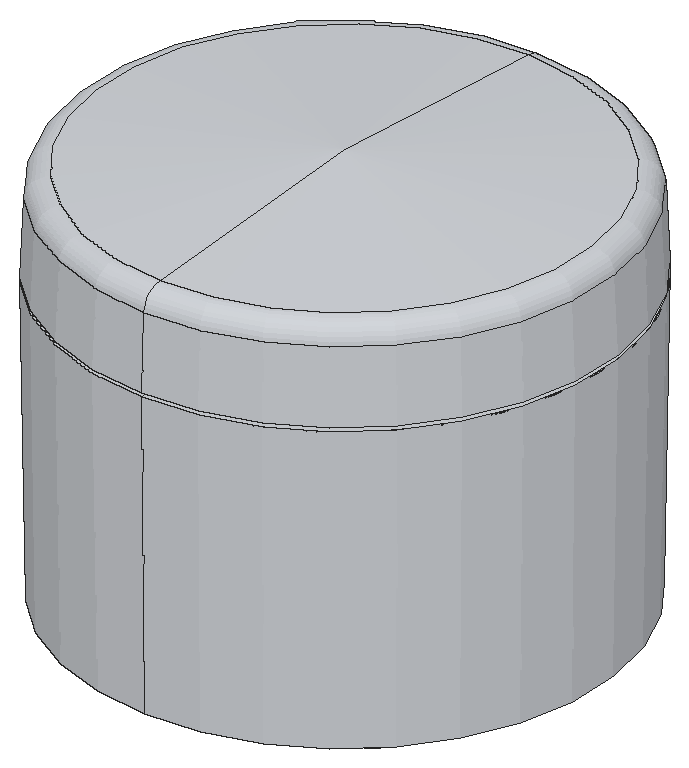
Revit family "Bernhardt_Design-Seating-Ottomans-Elevation", category Furniture, Revit 2016
Family settings
  OmniClass Number = 23.40.20.00
  OmniClass Title = General Furniture and Specialties
  Work Plane-Based = No
  Always vertical = Yes
  Cut with Voids When Loaded = No
  Shared = No
  Room Calculation Point = No
Parameters (values of type "Elevation 3820A")
  URL = "http://www.bernhardtdesign.com"
  SKU = "Elevation 3820A"
  Model = "Elevation"  # constant formula
  Manufacturer = "Bernhardt Design"  # constant formula
  Glides = yes
  GlideRadius = 0' - 8.06903"
  Fabric = none
  Copyright © = "Copyright © Bernhardt Design"  # constant formula
  Catalog = SKU  # "Elevation 3820A"
  Casters = no
  CasterRadius = 0' - 8.06903"
  Authoring Version = "Autodesk Revit 2016"  # constant formula
  23A = no
  22A = no
  21AM = no
  21A = no
  20AM = no
  20A = yes
Types (7): name | SKU | Glides | GlideRadius | Catalog | Casters | CasterRadius | 23A | 22A | 21AM | 21A | 20AM | 20A
  (no name) | "Elevation 3820A" | yes | 0' - 8.06903" | "Elevation 3820A" | no | 0' - 8.06903" | no | no | no | no | no | yes
  Elevation 3820A | "Elevation 3820A" | yes | 0' - 8.06903" | "Elevation 3820A" | no | 0' - 8.06903" | no | no | no | no | no | yes
  Elevation 3820AM | "Elevation 3820AM" | no | 0' - 8.06903" | "Elevation 3820AM" | yes | 0' - 8.06903" | no | no | no | no | yes | no
  Elevation 3821A | "Elevation 3821A" | yes | 0' - 10 3/8" | "Elevation 3821A" | no | 0' - 8.06903" | no | no | no | yes | no | no
  Elevation 3821AM | "Elevation 3821AM" | no | 0' - 10 3/8" | "Elevation 3821AM" | yes | 0' - 10 3/8" | no | no | yes | no | no | no
  Elevation 3822A | "Elevation 3822A" | yes | 1' - 0 3/4" | "Elevation 3822A" | no | 0' - 10 3/8" | no | yes | no | no | no | no
  Elevation 3823A | "Elevation 3823A" | yes | 1' - 4 1/4" | "Elevation 3823A" | no | 0' - 10 3/8" | yes | no | no | no | no | no
Reference planes (in)
  plane 1 "Center Front/Back": y = 0
  plane 2: z = 0
  plane 3 "Center Left/Right": x = 0
Forms (in)
  Revolve 1, solid, material <- "Fabric", visible <- "20AM"
    sketch origin (0, 0.0038, 0.1254) x (0, 1, 0) y (0, 0, 1)
      loop
        arc (10.28718, 15.51646) -> (10.02715, 16.08668) -> (9.44537, 16.31971) r 0.84273
        arc (9.44537, 16.31971) -> (4.7349, 16.82931) -> (0, 16.9996) r 65.99043
        line (0, 16.9996) -> (0, 0.75) -> (10.24837, 0.75)
        arc (10.24837, 0.75) -> (10.47524, 6.60935) -> (10.42519, 12.47287) r 124.14887
        line (10.42519, 12.47287) -> (9.92305, 12.47287) -> (9.92305, 12.61917) -> (10.42305, 12.61917) -> (10.28718, 15.51646)
      axis (0, 16.9996) -> (0, 0.75)
    angle from 0 to 360
  Revolve 2, solid, material "Glides", visible <- "Glides"
    sketch origin (0, 0, 0) x (0, 1, 0) y (0, 0, 1)
      loop
        line (9.06903, 0.75) -> (8.06903, 0.75) -> (8.06903, 0) -> (8.8519, 0)
        arc (8.8519, 0) -> (9.00544, 0.0636) -> (9.06903, 0.21713) r 0.21713
        line (9.06903, 0.21713) -> (9.06903, 0.75)
      axis (8.06903, 0.75) -> (8.06903, 0)
    angle from 0 to 360
  Extrusion 3, solid, material "Casters", visible <- "Casters"
    sketch origin (0, 0, 0) x (0, 1, 0) y (0, 0, 1)
      loop
        circle (8.06903, 0.75) r 0.75
    from -0.8751 to 0.87951
  Extrusion 4, solid, material "Casters", visible <- "Casters"
    sketch origin (0, 0, 0) x (-0.707107, 0.707107, 0) y (0, 0, 1)
      loop
        circle (8.06903, 0.75) r 0.75
    from -0.8751 to 0.87951
  Extrusion 5, solid, material "Casters", visible <- "Casters"
    sketch origin (0, 0, 0) x (-1, 0, 0) y (0, 0, 1)
      loop
        circle (8.06903, 0.75) r 0.75
    from -0.8751 to 0.87951
  Extrusion 6, solid, material "Casters", visible <- "Casters"
    sketch origin (0, 0, 0) x (-0.707107, -0.707107, 0) y (0, 0, 1)
      loop
        circle (8.06903, 0.75) r 0.75
    from -0.8751 to 0.87951
  Extrusion 7, solid, material "Casters", visible <- "Casters"
    sketch origin (0, 0, 0) x (0, -1, 0) y (0, 0, 1)
      loop
        circle (8.06903, 0.75) r 0.75
    from -0.8751 to 0.87951
  Extrusion 8, solid, material "Casters", visible <- "Casters"
    sketch origin (0, 0, 0) x (0.707107, -0.707107, 0) y (0, 0, 1)
      loop
        circle (8.06903, 0.75) r 0.75
    from -0.8751 to 0.87951
  Extrusion 9, solid, material "Casters", visible <- "Casters"
    sketch origin (0, 0, 0) x (1, 0, 0) y (0, 0, 1)
      loop
        circle (8.06903, 0.75) r 0.75
    from -0.8751 to 0.87951
  Extrusion 10, solid, material "Casters", visible <- "Casters"
    sketch origin (0, 0, 0) x (0.707107, 0.707107, 0) y (0, 0, 1)
      loop
        circle (8.06903, 0.75) r 0.75
    from -0.8751 to 0.87951
  Revolve 11, solid, material "Glides", visible <- "Glides"
    sketch origin (0, 0, 0) x (-0.707107, 0.707107, 0) y (0, 0, 1)
      loop
        line (9.06903, 0.75) -> (8.06903, 0.75) -> (8.06903, 0) -> (8.8519, 0)
        arc (8.8519, 0) -> (9.00544, 0.0636) -> (9.06903, 0.21713) r 0.21713
        line (9.06903, 0.21713) -> (9.06903, 0.75)
      axis (8.06903, 0.75) -> (8.06903, 0)
    angle from 0 to 360
  Revolve 12, solid, material "Glides", visible <- "Glides"
    sketch origin (0, 0, 0) x (-1, 0, 0) y (0, 0, 1)
      loop
        line (9.06903, 0.75) -> (8.06903, 0.75) -> (8.06903, 0) -> (8.8519, 0)
        arc (8.8519, 0) -> (9.00544, 0.0636) -> (9.06903, 0.21713) r 0.21713
        line (9.06903, 0.21713) -> (9.06903, 0.75)
      axis (8.06903, 0.75) -> (8.06903, 0)
    angle from 0 to 360
  Revolve 13, solid, material "Glides", visible <- "Glides"
    sketch origin (0, 0, 0) x (-0.707107, -0.707107, 0) y (0, 0, 1)
      loop
        line (9.06903, 0.75) -> (8.06903, 0.75) -> (8.06903, 0) -> (8.8519, 0)
        arc (8.8519, 0) -> (9.00544, 0.0636) -> (9.06903, 0.21713) r 0.21713
        line (9.06903, 0.21713) -> (9.06903, 0.75)
      axis (8.06903, 0.75) -> (8.06903, 0)
    angle from 0 to 360
  Revolve 14, solid, material "Glides", visible <- "Glides"
    sketch origin (0, 0, 0) x (0, -1, 0) y (0, 0, 1)
      loop
        line (9.06903, 0.75) -> (8.06903, 0.75) -> (8.06903, 0) -> (8.8519, 0)
        arc (8.8519, 0) -> (9.00544, 0.0636) -> (9.06903, 0.21713) r 0.21713
        line (9.06903, 0.21713) -> (9.06903, 0.75)
      axis (8.06903, 0.75) -> (8.06903, 0)
    angle from 0 to 360
  Revolve 15, solid, material "Glides", visible <- "Glides"
    sketch origin (0, 0, 0) x (0.707107, -0.707107, 0) y (0, 0, 1)
      loop
        line (9.06903, 0.75) -> (8.06903, 0.75) -> (8.06903, 0) -> (8.8519, 0)
        arc (8.8519, 0) -> (9.00544, 0.0636) -> (9.06903, 0.21713) r 0.21713
        line (9.06903, 0.21713) -> (9.06903, 0.75)
      axis (8.06903, 0.75) -> (8.06903, 0)
    angle from 0 to 360
  Revolve 16, solid, material "Glides", visible <- "Glides"
    sketch origin (0, 0, 0) x (1, 0, 0) y (0, 0, 1)
      loop
        line (9.06903, 0.75) -> (8.06903, 0.75) -> (8.06903, 0) -> (8.8519, 0)
        arc (8.8519, 0) -> (9.00544, 0.0636) -> (9.06903, 0.21713) r 0.21713
        line (9.06903, 0.21713) -> (9.06903, 0.75)
      axis (8.06903, 0.75) -> (8.06903, 0)
    angle from 0 to 360
  Revolve 17, solid, material "Glides", visible <- "Glides"
    sketch origin (0, 0, 0) x (0.707107, 0.707107, 0) y (0, 0, 1)
      loop
        line (9.06903, 0.75) -> (8.06903, 0.75) -> (8.06903, 0) -> (8.8519, 0)
        arc (8.8519, 0) -> (9.00544, 0.0636) -> (9.06903, 0.21713) r 0.21713
        line (9.06903, 0.21713) -> (9.06903, 0.75)
      axis (8.06903, 0.75) -> (8.06903, 0)
    angle from 0 to 360
  Revolve 18, solid, material <- "Fabric", visible <- "20A"
    sketch origin (0, 0.0038, 0.0004) x (0, 1, 0) y (0, 0, 1)
      loop
        arc (10.28718, 15.51646) -> (10.02715, 16.08668) -> (9.44537, 16.31971) r 0.84273
        arc (9.44537, 16.31971) -> (4.7349, 16.82931) -> (0, 16.9996) r 65.99043
        line (0, 16.9996) -> (0, 0.75) -> (10.24837, 0.75)
        arc (10.24837, 0.75) -> (10.47524, 6.60935) -> (10.42519, 12.47287) r 124.14887
        line (10.42519, 12.47287) -> (9.92305, 12.47287) -> (9.92305, 12.61917) -> (10.42305, 12.61917) -> (10.28718, 15.51646)
      axis (0, 16.9996) -> (0, 0.75)
    angle from 0 to 360
  Revolve 19, solid, material <- "Fabric", visible <- "21A"
    sketch origin (0, 0.0038, 0.0004) x (0, 1, 0) y (0, 0, 1)
      loop
        arc (12.29407, 15.51646) -> (12.0196, 16.10015) -> (11.41279, 16.31879) r 0.84273
        arc (11.41279, 16.31879) -> (5.71776, 16.8497) -> (0, 16.9996) r 85.713
        line (0, 16.9996) -> (0, 0.75) -> (12.25526, 0.75)
        arc (12.25526, 0.75) -> (12.48213, 6.60935) -> (12.43208, 12.47287) r 124.14887
        line (12.43208, 12.47287) -> (11.92994, 12.47287) -> (11.92994, 12.61917) -> (12.42994, 12.61917) -> (12.29407, 15.51646)
      axis (0, 16.9996) -> (0, 0.75)
    angle from 0 to 360
  Revolve 20, solid, material <- "Fabric", visible <- "21AM"
    sketch origin (0, 0.0038, 0.1258) x (0, 1, 0) y (0, 0, 1)
      loop
        arc (12.29407, 15.51646) -> (12.0196, 16.10015) -> (11.41279, 16.31879) r 0.84273
        arc (11.41279, 16.31879) -> (5.71776, 16.8497) -> (0, 16.9996) r 85.713
        line (0, 16.9996) -> (0, 0.75) -> (12.25526, 0.75)
        arc (12.25526, 0.75) -> (12.48213, 6.60935) -> (12.43208, 12.47287) r 124.14887
        line (12.43208, 12.47287) -> (11.92994, 12.47287) -> (11.92994, 12.61917) -> (12.42994, 12.61917) -> (12.29407, 15.51646)
      axis (0, 16.9996) -> (0, 0.75)
    angle from 0 to 360
  Revolve 21, solid, material <- "Fabric", visible <- "22A"
    sketch origin (0, 0.0038, 0.0004) x (0, 1, 0) y (0, 0, 1)
      loop
        arc (15.29398, 14.8318) -> (15.13354, 15.28769) -> (14.74861, 15.57993) r 0.84077
        arc (14.74861, 15.57993) -> (7.37519, 15.8878) -> (-0.0038, 15.9996) r 277.65768
        line (-0.0038, 15.9996) -> (-0.0038, 0.75) -> (15.25542, 0.75)
        arc (15.25542, 0.75) -> (15.48229, 6.60935) -> (15.43224, 12.47287) r 124.14887
        line (15.43224, 12.47287) -> (14.93011, 12.47287) -> (14.93011, 12.61917) -> (15.39774, 12.61917) -> (15.29398, 14.8318)
      axis (-0.0038, 15.9996) -> (-0.0038, 0.75)
    angle from 0 to 360
  Revolve 22, solid, material <- "Fabric", visible <- "23A"
    sketch origin (0, 0.0038, 0) x (0, 1, 0) y (0, 0, 1)
      loop
        arc (18.29283, 14.8318) -> (18.09964, 15.32975) -> (17.6455, 15.61085) r 0.84077
        arc (17.6455, 15.61085) -> (8.82414, 15.95445) -> (-0.0038, 15.9996) r 261.07796
        line (-0.0038, 15.9996) -> (-0.0038, 0.75) -> (18.25428, 0.75)
        arc (18.25428, 0.75) -> (18.48115, 6.60935) -> (18.43109, 12.47287) r 124.14887
        line (18.43109, 12.47287) -> (17.92896, 12.47287) -> (17.92896, 12.61917) -> (18.3966, 12.61917) -> (18.29283, 14.8318)
      axis (-0.0038, 15.9996) -> (-0.0038, 0.75)
    angle from 0 to 360
Dimensions and locks (in)
  "GlideRadius": radius of radial array
  "CasterRadius": radius of radial array
  aligned and locked: level to plane 2
Automatic sketch dimensions
  Revolve 2 sketch curve to Revolve 2 sketch curve = 0' - 0.78287"
  Revolve 2 sketch curve to Revolve 2 sketch curve = 0' - 0"
  Revolve 2 sketch curve to Revolve 2 sketch curve = 0' - 0.19056"
  Revolve 2 sketch curve to Revolve 2 sketch curve = 0' - 0.13866"
  Revolve 2 sketch curve to Revolve 2 sketch curve = 0' - 0.21713"
  Revolve 2 sketch curve to Revolve 2 sketch curve = 0' - 0 3/4"
  Revolve 11 sketch curve to Revolve 11 sketch curve = 0' - 0.78287"
  Revolve 11 sketch curve to Revolve 11 sketch curve = 0' - 0"
  Revolve 11 sketch curve to Revolve 11 sketch curve = 0' - 0.19056"
  Revolve 11 sketch curve to Revolve 11 sketch curve = 0' - 0.13866"
  Revolve 11 sketch curve to Revolve 11 sketch curve = 0' - 0.21713"
  Revolve 11 sketch curve to Revolve 11 sketch curve = 0' - 0 3/4"
  Revolve 12 sketch curve to Revolve 12 sketch curve = 0' - 0.78287"
  Revolve 12 sketch curve to Revolve 12 sketch curve = 0' - 0"
  Revolve 12 sketch curve to Revolve 12 sketch curve = 0' - 0.19056"
  Revolve 12 sketch curve to Revolve 12 sketch curve = 0' - 0.13866"
  Revolve 12 sketch curve to Revolve 12 sketch curve = 0' - 0.21713"
  Revolve 12 sketch curve to Revolve 12 sketch curve = 0' - 0 3/4"
  Revolve 13 sketch curve to Revolve 13 sketch curve = 0' - 0.78287"
  Revolve 13 sketch curve to Revolve 13 sketch curve = 0' - 0"
  Revolve 13 sketch curve to Revolve 13 sketch curve = 0' - 0.19056"
  Revolve 13 sketch curve to Revolve 13 sketch curve = 0' - 0.13866"
  Revolve 13 sketch curve to Revolve 13 sketch curve = 0' - 0.21713"
  Revolve 13 sketch curve to Revolve 13 sketch curve = 0' - 0 3/4"
  Revolve 14 sketch curve to Revolve 14 sketch curve = 0' - 0.78287"
  Revolve 14 sketch curve to Revolve 14 sketch curve = 0' - 0"
  Revolve 14 sketch curve to Revolve 14 sketch curve = 0' - 0.19056"
  Revolve 14 sketch curve to Revolve 14 sketch curve = 0' - 0.13866"
  Revolve 14 sketch curve to Revolve 14 sketch curve = 0' - 0.21713"
  Revolve 14 sketch curve to Revolve 14 sketch curve = 0' - 0 3/4"
  Revolve 15 sketch curve to Revolve 15 sketch curve = 0' - 0.78287"
  Revolve 15 sketch curve to Revolve 15 sketch curve = 0' - 0"
  Revolve 15 sketch curve to Revolve 15 sketch curve = 0' - 0.19056"
  Revolve 15 sketch curve to Revolve 15 sketch curve = 0' - 0.13866"
  Revolve 15 sketch curve to Revolve 15 sketch curve = 0' - 0.21713"
  Revolve 15 sketch curve to Revolve 15 sketch curve = 0' - 0 3/4"
  Revolve 16 sketch curve to Revolve 16 sketch curve = 0' - 0.78287"
  Revolve 16 sketch curve to Revolve 16 sketch curve = 0' - 0"
  Revolve 16 sketch curve to Revolve 16 sketch curve = 0' - 0.19056"
  Revolve 16 sketch curve to Revolve 16 sketch curve = 0' - 0.13866"
  Revolve 16 sketch curve to Revolve 16 sketch curve = 0' - 0.21713"
  Revolve 16 sketch curve to Revolve 16 sketch curve = 0' - 0 3/4"
  Revolve 17 sketch curve to Revolve 17 sketch curve = 0' - 0.78287"
  Revolve 17 sketch curve to Revolve 17 sketch curve = 0' - 0"
  Revolve 17 sketch curve to Revolve 17 sketch curve = 0' - 0.19056"
  Revolve 17 sketch curve to Revolve 17 sketch curve = 0' - 0.13866"
  Revolve 17 sketch curve to Revolve 17 sketch curve = 0' - 0.21713"
  Revolve 17 sketch curve to Revolve 17 sketch curve = 0' - 0 3/4"
  level to Revolve 1 sketch curve = 0' - 8.6071"
  plane 1 "Center Front/Back" to Revolve 1 sketch curve = 9' - 5.65572"
  Revolve 1 sketch curve to plane 1 "Center Front/Back" = 0' - 0.0009"
  Revolve 1 sketch curve to plane 1 "Center Front/Back" = 0' - 0.0038"  (x2)
  Revolve 1 sketch curve to plane 1 "Center Front/Back" = 0' - 9.44917"
  Revolve 1 sketch curve to Revolve 1 sketch curve = 0' - 0.47768"
  level to Revolve 1 sketch curve = 0' - 0.8754"
  Revolve 1 sketch curve to Revolve 1 sketch curve = 0' - 10.24837"
  Revolve 1 sketch curve to Revolve 1 sketch curve = 0' - 0.8418"
  Revolve 1 sketch curve to Revolve 1 sketch curve = 0' - 0 1/2"
  Revolve 1 sketch curve to Revolve 1 sketch curve = 0' - 0.00214"
  Revolve 1 sketch curve to level = 4' - 0.86543"
  Revolve 1 sketch curve to Revolve 1 sketch curve = 0' - 0.1463"
  Revolve 1 sketch curve to Revolve 1 sketch curve = 0' - 2.85782"
  Revolve 1 sketch curve to Revolve 1 sketch curve = 0' - 0.03948"
  Revolve 1 sketch curve to level = 1' - 5.4359"
  Revolve 1 sketch curve to Revolve 1 sketch curve = 6' - 2.65298"
  level to Revolve 18 sketch curve = 0' - 8.4821"
  plane 1 "Center Front/Back" to Revolve 18 sketch curve = 9' - 5.65572"
  Revolve 18 sketch curve to plane 1 "Center Front/Back" = 0' - 0.0009"
  Revolve 18 sketch curve to plane 1 "Center Front/Back" = 0' - 0.0038"  (x2)
  Revolve 18 sketch curve to plane 1 "Center Front/Back" = 0' - 9.44917"
  Revolve 18 sketch curve to Revolve 18 sketch curve = 0' - 0.47768"
  level to Revolve 18 sketch curve = 0' - 0.7504"
  Revolve 18 sketch curve to Revolve 18 sketch curve = 0' - 10.24837"
  Revolve 18 sketch curve to Revolve 18 sketch curve = 0' - 0.8418"
  Revolve 18 sketch curve to Revolve 18 sketch curve = 0' - 0 1/2"
  Revolve 18 sketch curve to Revolve 18 sketch curve = 0' - 0.00214"
  Revolve 18 sketch curve to level = 4' - 0.99043"
  Revolve 18 sketch curve to Revolve 18 sketch curve = 0' - 0.1463"
  Revolve 18 sketch curve to Revolve 18 sketch curve = 0' - 2.85782"
  Revolve 18 sketch curve to Revolve 18 sketch curve = 0' - 0.03948"
  Revolve 18 sketch curve to level = 1' - 5.5609"
  Revolve 18 sketch curve to Revolve 18 sketch curve = 6' - 2.65298"
  level to Revolve 19 sketch curve = 0' - 8.4821"
  plane 1 "Center Front/Back" to Revolve 19 sketch curve = 9' - 3.64883"
  Revolve 19 sketch curve to plane 1 "Center Front/Back" = 0' - 0.0038"  (x2)
  Revolve 19 sketch curve to plane 1 "Center Front/Back" = 0' - 0.61755"
  Revolve 19 sketch curve to plane 1 "Center Front/Back" = 0' - 11.45606"
  Revolve 19 sketch curve to Revolve 19 sketch curve = 0' - 0.47768"
  level to Revolve 19 sketch curve = 0' - 0.7504"
  Revolve 19 sketch curve to Revolve 19 sketch curve = 0' - 0.32532"
  Revolve 19 sketch curve to Revolve 19 sketch curve = 0' - 0.8418"
  Revolve 19 sketch curve to Revolve 19 sketch curve = 0' - 0 1/2"
  Revolve 19 sketch curve to Revolve 19 sketch curve = 0' - 0.00214"
  Revolve 19 sketch curve to level = 5' - 8.71081"
  Revolve 19 sketch curve to Revolve 19 sketch curve = 0' - 0.1463"
  Revolve 19 sketch curve to Revolve 19 sketch curve = 0' - 2.85782"
  Revolve 19 sketch curve to Revolve 19 sketch curve = 0' - 0.03948"
  Revolve 19 sketch curve to Revolve 19 sketch curve = 0' - 1.52262"
  Revolve 19 sketch curve to level = 1' - 5.5609"
  Revolve 19 sketch curve to Revolve 19 sketch curve = 6' - 2.65298"
  level to Revolve 20 sketch curve = 0' - 8.6075"
  plane 1 "Center Front/Back" to Revolve 20 sketch curve = 9' - 3.64883"
  Revolve 20 sketch curve to plane 1 "Center Front/Back" = 0' - 0.0038"  (x2)
  Revolve 20 sketch curve to plane 1 "Center Front/Back" = 0' - 0.61755"
  Revolve 20 sketch curve to plane 1 "Center Front/Back" = 0' - 11.45606"
  Revolve 20 sketch curve to Revolve 20 sketch curve = 0' - 0.47768"
  level to Revolve 20 sketch curve = 0' - 0.8758"
  Revolve 20 sketch curve to Revolve 20 sketch curve = 0' - 0.32532"
  Revolve 20 sketch curve to Revolve 20 sketch curve = 0' - 0.8418"
  Revolve 20 sketch curve to Revolve 20 sketch curve = 0' - 0 1/2"
  Revolve 20 sketch curve to Revolve 20 sketch curve = 0' - 0.00214"
  Revolve 20 sketch curve to level = 5' - 8.58541"
  Revolve 20 sketch curve to Revolve 20 sketch curve = 0' - 0.1463"
  Revolve 20 sketch curve to Revolve 20 sketch curve = 0' - 2.85782"
  Revolve 20 sketch curve to Revolve 20 sketch curve = 0' - 0.03948"
  Revolve 20 sketch curve to Revolve 20 sketch curve = 0' - 1.52262"
  Revolve 20 sketch curve to level = 1' - 5.4355"
  Revolve 20 sketch curve to Revolve 20 sketch curve = 6' - 2.65298"
  Revolve 21 sketch curve to plane 1 "Center Front/Back" = 0' - 0"  (x2)
  plane 1 "Center Front/Back" to Revolve 21 sketch curve = 0' - 0.51647"
  level to Revolve 21 sketch curve = 0' - 8.4821"
  plane 1 "Center Front/Back" to Revolve 21 sketch curve = 9' - 0.64866"
  Revolve 21 sketch curve to plane 1 "Center Front/Back" = 1' - 2.45792"
  Revolve 21 sketch curve to Revolve 21 sketch curve = 0' - 0.47598"
  level to Revolve 21 sketch curve = 0' - 0.7504"
  Revolve 21 sketch curve to Revolve 21 sketch curve = 0' - 0.32532"
  Revolve 21 sketch curve to Revolve 21 sketch curve = 0' - 0 215/256"
  Revolve 21 sketch curve to Revolve 21 sketch curve = 0' - 0.46764"
  Revolve 21 sketch curve to Revolve 21 sketch curve = 0' - 0.0345"
  Revolve 21 sketch curve to level = 21' - 9.6572"
  Revolve 21 sketch curve to Revolve 21 sketch curve = 0' - 0.1463"
  Revolve 21 sketch curve to Revolve 21 sketch curve = 0' - 2.17325"
  Revolve 21 sketch curve to Revolve 21 sketch curve = 0' - 0.03939"
  Revolve 21 sketch curve to Revolve 21 sketch curve = 0' - 1.20719"
  Revolve 21 sketch curve to level = 1' - 5.5609"
  Revolve 21 sketch curve to Revolve 21 sketch curve = 6' - 3.65298"
  Revolve 22 sketch curve to plane 1 "Center Front/Back" = 0' - 0"  (x2)
  level to Revolve 22 sketch curve = 0' - 8.4817"
  plane 1 "Center Front/Back" to Revolve 22 sketch curve = 8' - 9.64981"
  Revolve 22 sketch curve to plane 1 "Center Front/Back" = 0' - 3.07874"
  Revolve 22 sketch curve to plane 1 "Center Front/Back" = 1' - 5.45677"
  Revolve 22 sketch curve to Revolve 22 sketch curve = 0' - 0.47598"
  level to Revolve 22 sketch curve = 0' - 0 3/4"
  Revolve 22 sketch curve to Revolve 22 sketch curve = 0' - 0.32532"
  Revolve 22 sketch curve to Revolve 22 sketch curve = 0' - 0 215/256"
  Revolve 22 sketch curve to Revolve 22 sketch curve = 0' - 0.46764"
  Revolve 22 sketch curve to Revolve 22 sketch curve = 0' - 0.0345"
  Revolve 22 sketch curve to level = 20' - 5.06021"
  Revolve 22 sketch curve to Revolve 22 sketch curve = 0' - 0.1463"
  Revolve 22 sketch curve to Revolve 22 sketch curve = 0' - 2.17325"
  Revolve 22 sketch curve to Revolve 22 sketch curve = 0' - 0.03939"
  Revolve 22 sketch curve to Revolve 22 sketch curve = 0' - 0.19252"
  Revolve 22 sketch curve to level = 1' - 5.5613"
  Revolve 22 sketch curve to Revolve 22 sketch curve = 6' - 3.65298"
